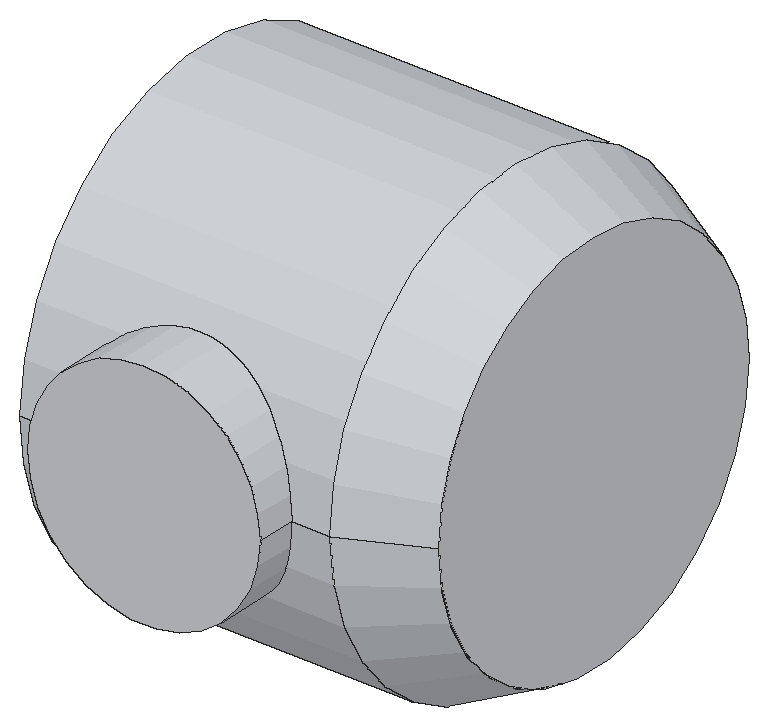
Revit family "90d9081ffaed4d2b9c61f1e24e00414c", category Duct Fittings, Revit 2021
Family settings
  Round Connector Dimension = Use Radius
  Part Type = Tee
  OmniClass Number = 23.75.70.14
  OmniClass Title = Air Ductwork
  Seek Item ID = Round Tee with Transition-0000-USA-ENU
  Work Plane-Based = No
  Always vertical = Yes
  Cut with Voids When Loaded = No
  Shared = No
Parameters (values of type "Standard")
  Shoulder Length [instance] = 1"
  Length 8 [instance] = if(Duct Radius 1 > Duct Radius 2, Duct Radius 1 + Shoulder Length, Duct Radius 2 + Shoulder Length)  # 7"
  Length 7 [instance] = if(Length 5 - Length 3 < Length 3, (Length 5 - Length 3), Length 3)  # 4"
  Length 6 [instance] = Duct Radius 3  # 3"
  Length 5 [instance] = (Duct Radius 3 + Shoulder Length) * 2  # 8"
  Length 4 [instance] = if(Length 6 > Length 3, Length 6, Length 3)  # 4"
  Length 2 [instance] = Duct Radius 1 + Duct Length 3  # 7"
  Length 1 [instance] = Duct Diameter 1 - Duct Diameter 2  # 2"
  Length 3 [instance] = Length 5 / 2  # 4"
  Duct Radius 3 [instance] = 3"
  Duct Radius 2 [instance] = 5"
  Duct Radius 1 [instance] = 6"
  Duct Length 3 [instance] = 1"
  Duct Length 2 [instance] = if(Length 1 < 0' 1", 0' 1", (if(Length 1 > 1' 0", 1' 0", Length 1)))  # 2"
  Duct Length 1 [instance] = if(Length 6 > Length 7, (Length 6 + Length 5 - Length 7), Length 5)  # 8"
  Duct Diameter 3 [instance] = Duct Radius 3 * 2  # 6"
  Duct Diameter 2 [instance] = Duct Radius 2 * 2  # 10"
  Duct Diameter 1 [instance] = Duct Radius 1 * 2  # 12"
  Default Elevation = 0' - 0"
  Assembly Code = ""
Reference planes (in)
  plane 1 "Center (Front/Back)": y = 0
  plane 2: z = 0
  plane 3 "Center (Left/Right)": x = 0
  plane 4: x = -4
  plane 5: x = 4
  plane 6: x = 6
Forms (in)
  Blend 1, solid, detail levels medium+fine
    base sketch origin (0, 0, 0) x (0, 1, 0) y (0, 0, 1)
      loop
        circle (0, 0) r 6
    top sketch origin (0, 0, 0) x (0, 1, 0) y (0, 0, 1)
      loop
        circle (0, 0) r 5
    from 4 to 6
  Sweep 2, solid, detail levels medium+fine
    path origin (0, 0, 0) x (1, 0, 0) y (0, 1, 0)
      loop
        line (-4, 0) -> (4, 0)
    profile origin (0, 0, 0) x (0, 1, 0) y (0, 0, 1)
      loop
        circle (0, 0) r 6
  Sweep 3, solid, detail levels medium+fine
    path in 3D
      loop
        line (0, 0, 0) -> (0, -7, 0)
    profile origin (0, -3.5, 0) x (1, 0, 0) y (0, 0, 1)
      loop
        circle (0, 0) r 3
Cuts and joins
  joined: Blend 1, Sweep 2, Sweep 3
Lines and regions (in)
  model lines, style "DuctFitting", detail levels coarse
    curve 1: line (-4, 0, 0) -> (4, 0, 0)
  model lines, detail levels coarse
    curve 2: line (4, 0, 0) -> (6, 0, 0)
    curve 3: line (0, 0, 0) -> (0, -7, 0)
  sketch lines
    curve 4: line (0, 0, 0) -> (0, -7, 0)
Dimensions and locks (in)
  "Duct Length 2": plane 5 to plane 6
  "Length 8": curve 3 to curve 3
  "Duct Length 1": plane 4 to plane 5
  "Length 4": plane 3 "Center (Left/Right)" to plane 5
  "Duct Radius 1": radius of Blend 1 sketch curve
  "Duct Radius 2": radius of Blend 1 sketch curve
  "Duct Radius 1": radius of Sweep 2 sketch curve
  "Duct Radius 3": radius of Sweep 3 sketch curve
  aligned and locked: plane 1 "Center (Front/Back)" to Blend 1 sketch curve  (x2)
  aligned and locked: plane 2 to Blend 1 sketch curve  (x2)
  aligned and locked: Blend 1 to plane 5
  aligned and locked: plane 6 to Blend 1
  aligned and locked: plane 4 to curve 1
  aligned and locked: plane 5 to curve 1
  aligned and locked: plane 6 to curve 2
  aligned and locked: Sweep 2 sketch curve to curve 1
  aligned and locked: profile plane to Sweep 2 sketch curve  (x2)
  aligned and locked: plane 3 "Center (Left/Right)" to curve 3
  aligned and locked: plane 1 "Center (Front/Back)" to curve 3
  aligned and locked: profile plane to Sweep 3 sketch curve  (x2)
Automatic sketch dimensions
  Sweep 2 sketch curve to plane 4 = 0' - 0"
  Sweep 2 sketch curve to plane 5 = 0' - 0"
Connectors (in)
  hvac at (-4, 0, 0), driven by "Duct Radius 1"
    settings: on Sweep 2, index 1, duct flow 0 CFM, flow factor 0, pres drop 0.00 in-wg, loss coef 0, conn angle 0.00°, conn width 12", conn height 12", conn diameter 12", duct sys type 28, conn prof type 0, flow config 0, flow direction 0, loss method 0, conn ref index 2, conn util no, is conn primary yes, conn desc ""
  hvac at (6, 0, 0), driven by "Duct Radius 2"
    settings: on Blend 1, index 2, duct flow 0 CFM, flow factor 0, pres drop 0.00 in-wg, loss coef 0, conn angle 0.00°, conn width 12", conn height 12", conn diameter 10", duct sys type 28, conn prof type 0, flow config 0, flow direction 0, loss method 0, conn ref index 1, conn util no, is conn primary no, conn desc ""
  hvac at (0, -7, 0), driven by "Duct Radius 3"
    settings: on Sweep 3, index 3, duct flow 0 CFM, flow factor 0, pres drop 0.00 in-wg, loss coef 0, conn angle 90.00°, conn width 12", conn height 12", conn diameter 6", duct sys type 28, conn prof type 0, flow config 0, flow direction 0, loss method 0, conn ref index -1, conn util no, is conn primary no, conn desc ""
